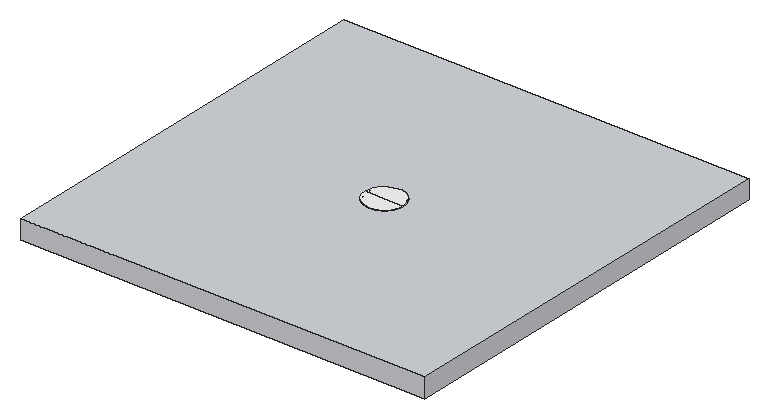
Revit family
Parameters (values of type "2"")
  WFU = 0
  URL = "WWW.MIFAB.COM"
  Top Assembly Diameter = 9.000"
  Pipe Radius = Pipe Diameter / 2  # 1.000"
  Pipe Diameter = 2.000"
  Model = "F1650"
  Manufacturer = "MIFAB"
  Floor Drain Material = Coated – Acid Resistant – Porcelain Enamel - White
  Description = "FLUSHING RIM FLOOR DRAIN"
  Default Elevation = 0.000"
  Body Height = 6.125"
Types (7): name | Pipe Radius | Pipe Diameter | Body Height
  (no name) | 1.000" | 2.000" | 6.125"
  2" | 1.000" | 2.000" | 6.125"
  3" | 1.500" | 3.000" | 6.125"
  4" | 2.000" | 4.000" | 6.125"
  5" | 2.500" | 5.000" | 6.125"
  6" | 3.000" | 6.000" | 8.000"
  8" | 4.000" | 8.000" | 8.000"
Reference planes (in)
  plane 1 "Center (Front/Back)": y = 0
  plane 2: z = 0
  plane 3 "Center (Left/Right)": x = 0
  plane 4: z = -3.1
  plane 5: z = -9.225
  plane 6: x = -4.5
  plane 7: x = 4.5
  plane 8: x = 6.3
  plane 9: x = -6.3
  plane 10: x = -1
  plane 11: x = 1
  plane 12: z = -7.725
  plane 13: x = -5.4
  plane 14: x = 5.4
Forms (in)
  Extrusion 1, solid
    sketch origin (0, 0, 0) x (1, 0, 0) y (0, 1, 0)
      loop
        line (-48, 48) -> (-48, -48) -> (48, -48) -> (48, 48) -> (-48, 48)
    from 0 to -4.5744
  Revolve 2, solid, material "Coated – Acid Resistant – Porcelain Enamel - White" <- "Floor Drain Material"
    sketch origin (0, 0, 0) x (1, 0, 0) y (0, 0, 1)
      loop
        line (4.5, 0) -> (0, 0) -> (0, -0.22868) -> (4.11162, -0.22868) -> (4.11162, -3.1) -> (5.4, -3.1) -> (5.4, -2.95) -> (4.26162, -2.95) -> (4.26162, -0.37868) -> (4.38125, -0.37868) -> (4.38125, -0.15212) -> (4.5, -0.15212) -> (4.5, 0)
      axis (0, 0) -> (0, -3.1)
    angle from 0 to 360
  Revolve 3, solid, material "Coated – Acid Resistant – Porcelain Enamel - White" <- "Floor Drain Material"
    sketch origin (0, 0, 0) x (1, 0, 0) y (0, 0, 1)
      loop
        line (1, -9.225) -> (1.15, -9.225) -> (1.15, -7.725) -> (4.4, -7.725) -> (4.68038, -3.25) -> (6.3, -3.25) -> (6.3, -3.1) -> (4.11162, -3.1) -> (4.11162, -3.25) -> (4.53018, -3.25) -> (4.25735, -7.58084) -> (1, -7.58084) -> (1, -9.225)
      axis (0, -3.1) -> (0, -9.225)
    angle from 0 to 360
Lines and regions (in)
  symbolic lines
    curve 1: circle (0, 0, 0) r 4.5 normal (0, 0, 1)
Dimensions and locks (in)
  Extrusion 1 to plane 4 = 3.100"
  "Body Height": plane 4 to plane 5
  equal spacing: plane 7, plane 3 "Center (Left/Right)", plane 6
  "Top Assembly Diameter": plane 7 to plane 6
  equal spacing: plane 8, plane 3 "Center (Left/Right)", plane 9
  locked: plane 8 to plane 9 at 12.6
  equal spacing: plane 11, plane 3 "Center (Left/Right)", plane 10
  "Pipe Diameter": plane 11 to plane 10
  equal spacing: plane 6, plane 13, plane 9
  equal spacing: plane 7, plane 14, plane 8
  locked: plane 12 to plane 5 at 1.5
  Revolve 3 sketch curve to Revolve 3 sketch curve to plane 3 "Center (Left/Right)" = 0.14265", 4.25735"
  Revolve 3 sketch curve to Revolve 3 sketch curve = 0.150"
  Revolve 3 sketch curve to Revolve 3 sketch curve to Revolve 3 sketch curve to plane 8 = 0.41855", 0.15021", 1.61962"
  Revolve 2 sketch curve to Revolve 2 sketch curve to Revolve 2 sketch curve to plane 7 = 0.150", 0.11963", 0.11875"
  aligned and locked: plane 2 to Extrusion 1
  aligned and locked: level to Extrusion 1
  aligned and locked: Extrusion 1 to Revolve 2 sketch curve
  aligned and locked: Revolve 3 sketch curve to plane 11
  aligned and locked: plane 5 to Revolve 3 sketch curve
  aligned and locked: Revolve 3 sketch curve to plane 8
  aligned and locked: plane 3 "Center (Left/Right)" to Revolve 2 sketch curve
  aligned and locked: plane 7 to Revolve 2 sketch curve
Automatic sketch dimensions
  Extrusion 1 sketch curve to Extrusion 1 sketch curve = 96.000"  (x2)
  Revolve 3 sketch curve to plane 4 = 0.000"
  Revolve 3 sketch curve to plane 12 = 0.000"
  plane 12 to Revolve 3 sketch curve = 0.14416"
  Revolve 3 sketch curve to plane 4 = 0.150"  (x2)
  Revolve 3 sketch curve to plane 3 "Center (Left/Right)" = 0.000"
  Revolve 3 sketch curve to plane 5 = 12.900"
  level to Revolve 3 sketch curve = 102.71882"
  Revolve 2 sketch curve to plane 3 "Center (Left/Right)" = 0.000"
  Revolve 2 sketch curve to plane 4 = 0.000"
  Revolve 2 sketch curve to level = 0.22868"
  Revolve 2 sketch curve to plane 5 = 14.770"
  Revolve 2 sketch curve to Revolve 2 sketch curve = 0.150"  (x2)
  Revolve 2 sketch curve to Revolve 2 sketch curve = 102.71882"
  plane 14 to Revolve 2 sketch curve = 0.000"
  Revolve 2 sketch curve to Revolve 2 sketch curve = 0.15212"
  plane 1 "Center (Front/Back)" to curve 1 = 0.000"
  curve 1 to plane 3 "Center (Left/Right)" = 0.000"
  radius of curve 1 = 4.500"
Connectors (in)
  piping at (0, 0, -9.225), driven by "Pipe Radius", driven by "WFU"
    settings: on Revolve 3, index 1, connector radius 1", flow factor 0, pipe flow 0 GPM, pressure drop 0.00 psi, fitting loss kfactor 0, connector angle 0.00°, fixture units 0, flow configuration 3, flow direction 2, fitting loss method 0, system type 16, connector reference index -1, connector utility 0, adjustable connector no, is connector primary yes, fitting loss table "", connector description "Sanitary Out"
